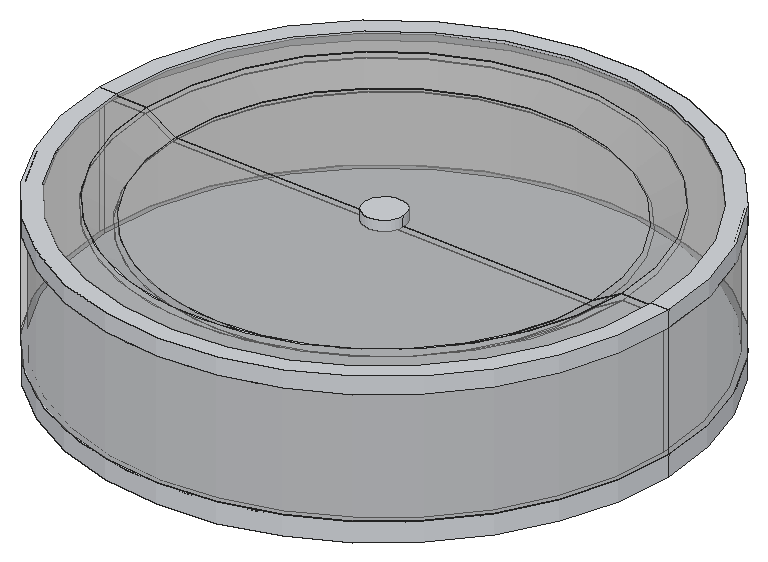
Revit family "2060", category Lighting Fixtures, Revit 2016
Family settings
  Part Type = Normal
  Round Connector Dimension = Use Diameter
  OmniClass Number = 23.80.70.00
  OmniClass Title = Lighting
  Work Plane-Based = No
  Always vertical = Yes
  Cut with Voids When Loaded = No
  Light Source = Yes
  Shared = No
  Room Calculation Point = No
Parameters
  Wattage = 12.1178 W
  built-in parameter 1150110 = 1 (stored number, unit not read)
  built-in parameter 1114217 = 1 (stored number, unit not read)
  built-in parameter 1150109 = 1 (stored number, unit not read)
  built-in parameter 1150134 = (empty or 0)
  built-in parameter 1150113 = 1 (stored number, unit not read)
  Lumens = 1800 lm
  built-in parameter 1150115 = 1 (stored number, unit not read)
  built-in parameter 1150105 = 143.24 (stored number, unit not read)
  Light Source Symbol Size = 2' - 0"
  built-in parameter 1150137 = (empty or 0)
  built-in parameter 1150139 = (empty or 0)
  built-in parameter 1150112 = 1 (stored number, unit not read)
  built-in parameter 1150114 = 1 (stored number, unit not read)
  built-in parameter 1150132 = 2
  built-in parameter 1150102 = (empty or 0)
  built-in parameter 1150138 = (empty or 0)
  built-in parameter 1150107 = 3000 (stored number, unit not read)
  built-in parameter 1150106 = 1.4324 (stored number, unit not read)
  built-in parameter 1150104 = 13.8 (stored number, unit not read)
  Dimming Lamp Color Temperature Shift = (empty or 0)
  Color Filter = 16777215
  built-in parameter 1114218 = 1 (stored number, unit not read)
  built-in parameter 1150133 = 10 (stored number, unit not read)
Reference planes (in)
  plane 1 "Light Source Axis (F/B)": y = 0
  plane 2: z = 0
  plane 3 "Light Source Axis (L/R)": x = 0
  plane 4 "Light Source Elevation": z = 3.875
  plane 5: z = 3.43896
Forms (in)
  Extrusion 1, solid
    sketch origin (0, 0, 0) x (1, 0, 0) y (0, 1, 0)
      loop
        circle (0, 0) r 7.5
    from 0 to 0.5
  Revolve 2, solid, material "Acrylic-Brownlee"
    sketch origin (0, 0, 0) x (1, 0, 0) y (0, 0, 1)
      loop
        line (7.50281, 0.5) -> (7.50281, 3.875) -> (6.25281, 3.875) -> (5.49757, 3.43896) -> (0, 3.43896) -> (0, 3.31396) -> (5.583, 3.31396) -> (6.28415, 3.71877) -> (7.35859, 3.71877) -> (7.35859, 0.5) -> (7.50281, 0.5)
      axis (0, 3.875) -> (0, 0.5)
    angle from 0 to 360
  Revolve 3, void
    sketch origin (0, 0, 0) x (1, 0, 0) y (0, 0, 1)
      loop
        line (7.51673, 3.875) -> (7.44025, 3.875) -> (7.44025, 3.5) -> (7.51673, 3.5) -> (7.51673, 3.875)
      axis (0, 3.875) -> (0, 3.5)
    angle from 0 to 360
  Revolve 4, solid
    sketch origin (0, 0, 0) x (1, 0, 0) y (0, 0, 1)
      loop
        line (7.44025, 3.5) -> (7.50281, 3.5) -> (7.50281, 3.93648) -> (7.04908, 3.93648) -> (7.04908, 3.875) -> (7.44025, 3.875) -> (7.44025, 3.5)
      axis (0, 3.93648) -> (0, 3.5)
    angle from 0 to 360
  Extrusion 5, solid
    sketch origin (-5.49757, -180, 3.43896) x (-1, 0, 0) y (0, -1, 0)
      loop
        circle (-5.49757, -180) r 0.5
    from 0 to 0.25
Cuts and joins
  Revolve 3 cuts Revolve 2
Dimensions and locks (in)
  aligned and locked: plane 3 "Light Source Axis (L/R)" to imposter light
  aligned and locked: plane 1 "Light Source Axis (F/B)" to imposter light
  aligned and locked: plane 4 "Light Source Elevation" to imposter light
  aligned and locked: level to plane 2
